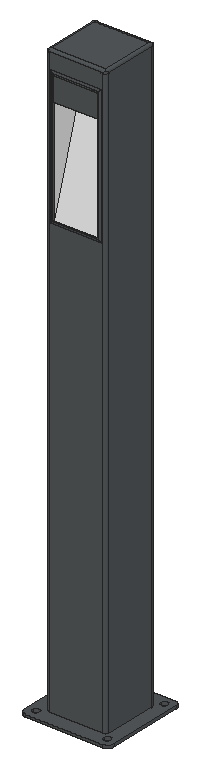
Revit family "svetilnik_alfresco_ar deko_dtu19", category Lighting Fixtures, Revit 2016 (continued)
Definition of nested family "Источник света Ар_Деко"
  Parameters (values of type "4")
         1.6      17.1\r\n      70.7     127.6     169.2     200.9     233.3     270.9     318.0     360.7\r\n     412.2     478.7     503.3     505.5     507.3     507.4     503.8     503.1\r\n     503.7     501.1     501.8     500.2     497.7     495.5     490.5     489.3\r\n     486.2     483.3     479.6     478.9     475.2     473.6     465.7     460.3\r\n     458.4     453.9     450.2     443.7     436.4     434.0     427.0     424.6\r\n     420.4     413.0     405.2     393.4     376.0     350.9     326.7     296.4\r\n     278.8     261.1     242.1     230.1     219.4     206.0     188.9     175.8\r\n     164.5     149.4     137.8     125.5     112.2      96.6      78.5      64.0\r\n      51.0      39.0      23.5       7.4       1.4       0.2       0.2       0.2\r\n       0.2       0.2       0.2       0.2       0.2       0.2       0.2       0.2\r\n       0.2       0.2       0.2       0.2       0.2       0.2       0.2       0.2\r\n       0.2       0.2       0.2       0.2       0.2       0.2       0.2       0.2\r\n       0.2       0.2       0.2       0.2       0.2       0.2       0.2       0.2\r\n       0.2       0.2       0.2       0.2       0.2       0.2       0.2       0.2\r\n       0.2       0.2       0.2       0.2       0.2       0.2       0.2       0.2\r\n       0.2       0.2       0.2       0.2       0.2       0.2       0.2       0.2\r\n       0.2       0.2       0.2       0.2       0.2       0.2       0.2       0.2\r\n       0.2       0.2       0.2       0.2       0.2       0.2       0.2       0.2\r\n       0.2       0.2       0.2       0.2       0.2       0.2       0.2       0.2\r\n       0.2       0.2       0.2       0.1       0.1       0.1       0.0       0.0\r\n       0.0       0.1       0.0       0.0       0.0\r\n       0.0       0.0       0.3       0.2       0.2       0.2       0.2       0.2\r\n       0.2       0.3       0.3       0.3       0.3       0.3       5.4      42.1\r\n     104.4     155.2     190.4     224.0     260.7     306.6     353.2     401.1\r\n     468.3     505.9     515.3     514.4     515.1     513.3     511.9     512.3\r\n     511.4     508.1     503.7     502.5     502.3     499.8     501.4     499.0\r\n     495.2     490.1     489.9     484.8     484.4     476.4     476.3     476.7\r\n     471.3     463.1     458.1     455.8     447.8     442.1     439.2     432.1\r\n     425.8     417.7     407.5     391.4     367.5     337.0     309.3     291.4\r\n     274.2     260.3     243.4     230.0     218.1     199.7     186.0     177.4\r\n     163.4     147.4     136.6     125.3     106.9      91.7      75.2      63.9\r\n      54.9      38.2      20.3       2.6       0.3       0.2       0.2       0.2\r\n       0.2       0.2       0.2       0.2       0.2       0.2       0.2       0.2\r\n       0.2       0.2       0.2       0.2       0.2       0.2       0.2       0.2\r\n       0.2       0.2       0.2       0.2       0.2       0.2       0.2       0.2\r\n       0.2       0.2       0.2       0.2       0.2       0.2       0.2       0.2\r\n       0.2       0.2       0.2       0.2       0.2       0.2       0.2       0.2\r\n       0.2       0.2       0.2       0.2       0.2       0.2       0.2       0.2\r\n       0.2       0.2       0.2       0.2       0.2       0.2       0.2       0.2\r\n       0.2       0.2       0.2       0.2       0.2       0.2       0.2       0.2\r\n       0.2       0.2       0.2       0.2       0.2       0.2       0.2       0.2\r\n       0.2       0.2       0.2       0.2       0.2       0.2       0.2       0.2\r\n       0.2       0.2       0.2       0.1       0.1       0.1       0.0       0.0\r\n       0.0       0.1       0.0       0.0       0.0\r\n       0.0       0.0       0.3       0.2       0.3       0.2       0.2       0.2\r\n       0.2       0.3       0.3       0.3       0.3       0.5      14.8      70.1\r\n     134.3     177.3     210.4     247.0     291.6     339.1     382.2     449.7\r\n     510.8     519.7     519.7     521.6     521.5     517.1     518.0     517.1\r\n     515.1     514.8     513.7     513.0     512.1     512.4     507.9     502.8\r\n     502.5     500.8     495.2     492.0     487.9     492.2     486.0     476.8\r\n     475.7     472.9     466.5     459.8     457.2     451.4     446.4     441.2\r\n     432.4     420.4     405.7     381.4     353.1     326.7     306.2     291.8\r\n     273.0     256.2     245.4     234.2     216.9     202.7     190.6     180.3\r\n     165.8     148.6     139.2     124.4     105.4      89.4      76.2      64.5\r\n      51.4      33.9      16.4       3.6       0.3       0.2       0.2       0.2\r\n       0.2       0.2       0.2       0.2       0.2       0.2       0.2       0.2\r\n       0.2       0.2       0.2       0.2       0.2       0.2       0.2       0.2\r\n       0.2       0.2       0.2       0.2       0.2       0.2       0.2       0.2\r\n       0.2       0.2       0.2       0.2       0.2       0.2       0.2       0.2\r\n       0.2       0.2       0.2       0.2       0.2       0.2       0.2       0.2\r\n       0.2       0.2       0.2       0.2       0.2       0.2       0.2       0.2\r\n       0.2       0.2       0.2       0.2       0.2       0.2       0.2       0.2\r\n       0.2       0.2       0.2       0.2       0.2       0.2       0.2       0.2\r\n       0.2       0.2       0.2       0.2       0.2       0.2       0.2       0.2\r\n       0.2       0.2       0.2       0.2       0.2       0.2       0.2       0.2\r\n       0.2       0.2       0.2       0.1       0.1       0.1       0.0       0.0\r\n       0.0       0.1       0.0       0.0       0.0\r\n       0.0       0.0       0.3       0.2       0.3       0.2       0.2       0.2\r\n       0.2       0.3       0.3       0.3       0.3       1.4      33.1      96.2\r\n     153.9     193.3     228.3     268.6     317.0     360.6     413.7     488.5\r\n     517.8     521.4     520.2     519.8     521.0     518.9     521.0     519.8\r\n     518.2     519.0     520.0     517.6     516.1     515.6     513.2     511.7\r\n     509.3     504.9     501.8     500.4     497.1     489.2     487.4     484.4\r\n     479.2     472.6     470.9     469.3     462.8     457.2     450.3     443.3\r\n     433.7     420.6     392.5     364.2     337.4     315.8     302.3     283.5\r\n     267.5     254.6     245.0     227.3     209.2     200.5     190.2     172.2\r\n     157.6     146.6     134.6     119.2     103.9      86.7      72.5      63.8\r\n      44.9      26.1       9.7       1.4       0.2       0.2       0.2       0.2\r\n       0.2       0.2       0.2       0.2       0.2       0.2       0.2       0.2\r\n       0.2       0.2       0.2       0.2       0.2       0.2       0.2       0.2\r\n       0.2       0.2       0.2       0.2       0.2       0.2       0.2       0.2\r\n       0.2       0.2       0.2       0.2       0.2       0.2       0.2       0.2\r\n       0.2       0.2       0.2       0.2       0.2       0.2       0.2       0.2\r\n       0.2       0.2       0.2       0.2       0.2       0.2       0.2       0.2\r\n       0.2       0.2       0.2       0.2       0.2       0.2       0.2       0.2\r\n       0.2       0.2       0.2       0.2       0.2       0.2       0.2       0.2\r\n       0.2       0.2       0.2       0.2       0.2       0.2       0.2       0.2\r\n       0.2       0.2       0.2       0.2       0.2       0.2       0.2       0.2\r\n       0.2       0.2       0.2       0.1       0.1       0.1       0.0       0.0\r\n       0.0       0.1       0.0       0.0       0.0\r\n       0.0       0.0       0.3       0.2       0.3       0.2       0.2       0.2\r\n       0.2       0.3       0.3       0.3       0.3       4.8      57.0     121.9\r\n     168.3     205.0     244.5     288.2     334.0     383.8     451.8     509.6\r\n     518.4     519.8     522.3     523.9     524.9     525.5     524.3     523.7\r\n     523.2     523.8     519.7     521.7     519.5     517.7     514.9     511.4\r\n     509.2     509.4     509.6     505.6     501.1     499.3     493.0     487.0\r\n     486.7     485.6     478.7     472.2     465.9     458.7     453.0     446.0\r\n     435.5     415.2     391.0     362.2     336.0     317.7     298.6     284.1\r\n     271.3     260.4     248.3     230.6     214.8     204.5     194.0     174.1\r\n     161.1     151.6     137.4     119.1     102.8      85.1      73.6      62.6\r\n      48.0      26.5       8.5       0.7       0.2       0.2       0.2       0.2\r\n       0.2       0.2       0.2       0.2       0.2       0.2       0.2       0.2\r\n       0.2       0.2       0.2       0.2       0.2       0.2       0.2       0.2\r\n       0.2       0.2       0.2       0.2       0.2       0.2       0.2       0.2\r\n       0.2       0.2       0.2       0.2       0.2       0.2       0.2       0.2\r\n       0.2       0.2       0.2       0.2       0.2       0.2       0.2       0.2\r\n       0.2       0.2       0.2       0.2       0.2       0.2       0.2       0.2\r\n       0.2       0.2       0.2       0.2       0.2       0.2       0.2       0.2\r\n       0.2       0.2       0.2       0.2       0.2       0.2       0.2       0.2\r\n       0.2       0.2       0.2       0.2       0.2       0.2       0.2       0.2\r\n       0.2       0.2       0.2       0.2       0.2       0.2       0.2       0.2\r\n       0.2       0.2       0.2       0.1       0.1       0.1       0.0       0.0\r\n       0.0       0.1       0.0       0.0       0.0\r\n       0.0       0.0       0.3       0.2       0.3       0.2       0.2       0.2\r\n       0.2       0.3       0.3       0.3       0.3      13.8      78.5     141.8\r\n     183.3     221.0     261.1     306.3     351.7     416.3     488.6     518.7\r\n     521.9     522.4     526.0     526.3     525.0     527.3     523.8     525.3\r\n     525.6     523.5     526.1     522.7     520.1     516.7     515.5     513.7\r\n     515.2     511.0     504.9     505.7     502.5     498.1     500.2     495.8\r\n     488.1     481.5     478.2     472.3     469.0     467.0     462.5     452.1\r\n     432.6     399.2     369.5     344.7     326.4     313.1     297.3     279.2\r\n     267.9     259.3     240.2     223.7     215.5     202.9     186.8     171.8\r\n     161.9     151.6     133.1     118.7      99.3      82.3      72.0      54.8\r\n      35.6      17.2       4.5       0.5       0.2       0.2       0.2       0.2\r\n       0.2       0.2       0.2       0.2       0.2       0.2       0.2       0.2\r\n       0.2       0.2       0.2       0.2       0.2       0.2       0.2       0.2\r\n       0.2       0.2       0.2       0.2       0.2       0.2       0.2       0.2\r\n       0.2       0.2       0.2       0.2       0.2       0.2       0.2       0.2\r\n       0.2       0.2       0.2       0.2       0.2       0.2       0.2       0.2\r\n       0.2       0.2       0.2       0.2       0.2       0.2       0.2       0.2\r\n       0.2       0.2       0.2       0.2       0.2       0.2       0.2       0.2\r\n       0.2       0.2       0.2       0.2       0.2       0.2       0.2       0.2\r\n       0.2       0.2       0.2       0.2       0.2       0.2       0.2       0.2\r\n       0.2       0.2       0.2       0.2       0.2       0.3       0.3       0.2\r\n       0.2       0.2       0.2       0.1       0.1       0.1       0.0       0.1\r\n       0.1       0.1       0.0       0.0       0.0\r\n       0.0       0.0       0.3       0.2       0.3       0.2       0.2       0.2\r\n       0.3       0.3       0.3       0.3       0.5      27.7      98.1     156.7\r\n     200.1     240.8     281.7     327.0     377.5     451.7     514.6     526.2\r\n     529.5     531.5     530.1     530.7     529.3     528.6     530.3     530.2\r\n     529.8     527.5     522.1     524.1     526.6     526.8     524.1     522.6\r\n     519.6     522.4     516.4     510.0     506.4     505.1     499.7     491.9\r\n     490.7     487.4     483.4     481.6     474.6     465.6     458.0     439.7\r\n     418.2     393.1     365.6     343.1     326.1     307.9     292.8     280.7\r\n     271.9     258.6     239.0     222.4     212.3     202.2     182.4     168.8\r\n     160.2     144.4     130.1     111.9      95.2      81.1      72.6      59.8\r\n      40.0      17.4       2.3       0.2       0.2       0.2       0.2       0.2\r\n       0.2       0.2       0.2       0.2       0.2       0.2       0.2       0.2\r\n       0.2       0.2       0.2       0.2       0.2       0.2       0.2       0.2\r\n       0.2       0.2       0.2       0.2       0.2       0.2       0.2       0.2\r\n       0.2       0.2       0.2       0.2       0.2       0.2       0.2       0.2\r\n       0.2       0.2       0.2       0.2       0.2       0.2       0.2       0.2\r\n       0.2       0.2       0.2       0.2       0.2       0.2       0.2       0.2\r\n       0.2       0.2       0.2       0.2       0.2       0.2       0.2       0.2\r\n       0.2       0.2       0.2       0.2       0.2       0.2       0.2       0.2\r\n       0.2       0.2       0.2       0.2       0.2       0.2       0.2       0.2\r\n       0.2       0.2       0.2       0.2       0.2       0.3       0.3       0.2\r\n       0.2       0.2       0.2       0.1       0.1       0.1       0.0       0.1\r\n       0.1       0.1       0.0       0.0       0.0\r\n       0.0       0.0       0.3       0.2       0.3       0.2       0.2       0.2\r\n       0.3       0.3       0.3       0.3       0.9      43.2     115.9     169.9\r\n     214.3     254.2     298.3     350.3     408.5     488.3     531.2     535.2\r\n     535.3     536.0     534.6     532.2     532.0     533.0     531.1     529.1\r\n     526.0     528.2     531.8     529.5     529.6     528.6     522.4     522.1\r\n     518.2     512.8     509.7     508.5     506.5     505.9     500.0     498.0\r\n     496.0     491.2     485.8     478.5     476.8     470.8     460.2     442.0\r\n     412.6     383.3     355.3     338.2     325.9     308.0     291.6     278.3\r\n     265.0     247.2     230.5     223.1     214.2     199.4     180.5     171.7\r\n     164.3     145.1     126.6     107.6      90.0      79.9      66.5      49.2\r\n      30.2      11.2       0.9       0.2       0.2       0.2       0.2       0.2\r\n       0.2       0.2       0.2       0.2       0.2       0.2       0.2       0.2\r\n       0.2       0.2       0.2       0.2       0.2       0.2       0.2       0.2\r\n       0.2       0.2       0.2       0.2       0.2       0.2       0.2       0.2\r\n       0.2       0.2       0.2       0.2       0.2       0.2       0.2       0.2\r\n       0.2       0.2       0.2       0.2       0.2       0.2       0.2       0.2\r\n       0.2       0.2       0.2       0.2       0.2       0.2       0.2       0.2\r\n       0.2       0.2       0.2       0.2       0.2       0.2       0.2       0.2\r\n       0.2       0.2       0.2       0.2       0.3       0.2       0.2       0.2\r\n       0.2       0.2       0.2       0.2       0.2       0.2       0.2       0.2\r\n       0.2       0.2       0.3       0.3       0.2       0.3       0.3       0.2\r\n       0.2       0.2       0.2       0.1       0.1       0.1       0.1       0.1\r\n       0.1       0.1       0.0       0.0       0.0\r\n       0.0       0.0       0.3       0.2       0.3       0.2       0.2       0.2\r\n       0.3       0.3       0.3       0.3       2.0      60.9     130.4     179.8\r\n     221.7     258.7     308.2     361.1     432.1     516.3     537.6     537.3\r\n     537.1     535.2     532.5     533.8     533.3     533.0     531.4     529.7\r\n     532.8     530.8     529.4     525.7     520.0     520.7     518.7     518.2\r\n     517.4     514.0     514.6     510.8     506.0     504.1     501.9     498.7\r\n     494.7     491.4     490.1     485.6     479.9     469.5     451.1     431.8\r\n     405.0     374.5     351.7     334.2     322.0     301.8     287.1     281.6\r\n     267.1     247.4     233.7     224.9     213.1     196.7     183.6     173.3\r\n     162.7     142.5     125.3     105.4      90.3      81.3      66.3      50.3\r\n      31.3      11.8       1.5       0.2       0.2       0.2       0.2       0.2\r\n       0.2       0.2       0.2       0.2       0.2       0.2       0.2       0.2\r\n       0.2       0.2       0.2       0.2       0.2       0.2       0.2       0.2\r\n       0.2       0.2       0.2       0.2       0.2       0.2       0.2       0.2\r\n       0.2       0.2       0.2       0.2       0.2       0.2       0.2       0.2\r\n       0.2       0.2       0.2       0.2       0.2       0.2       0
      .2       0.2\r\n       0.2       0.2       0.2       0.2       0.2       0.2       0.2       0.2\r\n       0.2       0.2       0.2       0.2       0.2       0.2       0.2       0.2\r\n       0.2       0.2       0.2       0.2       0.3       0.2       0.2       0.2\r\n       0.2       0.2       0.3       0.3       0.2       0.3       0.3       0.3\r\n       0.3       0.3       0.3       0.2       0.2       0.3       0.3       0.2\r\n       0.2       0.2       0.2       0.2       0.1       0.1       0.1       0.1\r\n       0.1       0.1       0.0       0.0       0.0\r\n       0.0       0.0       0.3       0.2       0.3       0.2       0.2       0.2\r\n       0.3       0.3       0.3       0.3       4.6      78.9     142.8     185.9\r\n     223.5     262.1     318.1     370.2     458.1     526.7     535.8     533.9\r\n     533.3     532.6     534.8     534.8     534.7     533.1     535.8     535.6\r\n     535.7     535.4     531.6     532.7     531.1     524.8     522.6     522.4\r\n     517.1     515.0     512.4     511.3     510.4     507.2     504.4     500.2\r\n     495.5     493.1     489.6     486.2     479.2     471.1     450.6     421.7\r\n     391.2     365.6     348.9     339.1     318.4     302.9     291.3     277.1\r\n     263.7     243.6     235.5     228.9     210.2     192.3     180.0     172.6\r\n     155.7     137.7     122.3     103.6      91.6      83.6      66.9      43.2\r\n      19.9       5.3       0.9       0.2       0.2       0.2       0.2       0.2\r\n       0.2       0.2       0.2       0.2       0.2       0.2       0.2       0.2\r\n       0.2       0.2       0.2       0.2       0.2       0.2       0.2       0.2\r\n       0.2       0.2       0.2       0.2       0.2       0.2       0.2       0.2\r\n       0.2       0.2       0.2       0.2       0.2       0.2       0.2       0.2\r\n       0.2       0.2       0.2       0.2       0.2       0.2       0.2       0.2\r\n       0.2       0.2       0.2       0.2       0.2       0.2       0.2       0.2\r\n       0.2       0.2       0.2       0.2       0.2       0.2       0.2       0.2\r\n       0.2       0.2       0.2       0.3       0.3       0.3       0.2       0.3\r\n       0.2       0.3       0.3       0.3       0.3       0.3       0.3       0.3\r\n       0.3       0.3       0.3       0.3       0.2       0.3       0.3       0.3\r\n       0.3       0.2       0.2       0.2       0.1       0.1       0.1       0.1\r\n       0.1       0.1       0.0       0.0       0.0\r\n       0.0       0.0       0.3       0.2       0.3       0.2       0.2       0.2\r\n       0.3       0.4       0.3       0.4      10.6      91.2     152.8     193.3\r\n     230.4     273.9     332.1     387.0     483.5     527.0     529.1     529.4\r\n     531.5     532.1     536.3     536.5     537.8     536.7     535.4     534.9\r\n     532.4     531.9     530.5     529.1     529.4     528.0     526.3     524.6\r\n     525.1     522.4     517.3     512.3     511.7     507.9     504.6     502.8\r\n     500.7     498.3     492.5     485.9     477.2     465.6     443.3     418.5\r\n     391.4     362.9     344.9     330.7     313.0     297.6     290.6     281.1\r\n     263.8     246.0     234.3     224.1     209.5     195.4     181.9     171.7\r\n     155.3     138.6     124.0     103.1      91.1      79.4      62.1      44.5\r\n      23.2       5.7       0.5       0.2       0.2       0.2       0.2       0.2\r\n       0.2       0.2       0.2       0.2       0.2       0.2       0.2       0.2\r\n       0.2       0.2       0.2       0.2       0.2       0.2       0.2       0.2\r\n       0.2       0.2       0.2       0.2       0.2       0.2       0.2       0.2\r\n       0.2       0.2       0.2       0.2       0.2       0.2       0.2       0.2\r\n       0.2       0.2       0.2       0.2       0.2       0.2       0.2       0.2\r\n       0.2       0.2       0.2       0.2       0.2       0.2       0.2       0.2\r\n       0.2       0.2       0.2       0.2       0.2       0.2       0.2       0.3\r\n       0.3       0.3       0.2       0.3       0.3       0.3       0.3       0.3\r\n       0.3       0.3       0.3       0.3       0.3       0.3       0.3       0.3\r\n       0.3       0.3       0.3       0.3       0.3       0.3       0.3       0.3\r\n       0.3       0.2       0.2       0.2       0.1       0.1       0.1       0.1\r\n       0.1       0.1       0.0       0.0       0.0\r\n       0.0       0.0       0.3       0.2       0.3       0.2       0.2       0.2\r\n       0.3       0.4       0.3       0.4      19.5      97.9     159.2     203.3\r\n     245.7     295.2     350.0     404.0     496.9     525.7     524.4     525.9\r\n     528.8     531.2     533.4     534.8     536.6     538.5     538.2     539.2\r\n     538.2     540.7     540.6     536.5     534.0     532.2     531.4     526.1\r\n     526.9     524.4     521.8     521.5     519.9     514.6     513.7     509.8\r\n     498.4     495.1     493.8     488.0     480.8     466.4     440.6     408.7\r\n     379.6     362.8     346.4     330.2     310.8     298.1     290.5     272.1\r\n     256.8     243.4     235.9     223.3     203.5     188.3     179.2     168.8\r\n     150.6     134.1     115.7     101.8      91.0      78.6      60.2      38.3\r\n      17.5       3.9       0.6       0.2       0.2       0.2       0.2       0.2\r\n       0.2       0.2       0.2       0.2       0.2       0.2       0.2       0.2\r\n       0.2       0.2       0.2       0.2       0.2       0.2       0.2       0.2\r\n       0.2       0.2       0.2       0.2       0.2       0.2       0.2       0.2\r\n       0.2       0.2       0.2       0.2       0.2       0.2       0.2       0.2\r\n       0.2       0.2       0.2       0.2       0.2       0.2       0.2       0.2\r\n       0.2       0.2       0.2       0.3       0.2       0.2       0.3       0.2\r\n       0.2       0.2       0.3       0.2       0.3       0.2       0.3       0.3\r\n       0.3       0.3       0.3       0.3       0.3       0.3       0.3       0.3\r\n       0.3       0.3       0.3       0.3       0.3       0.3       0.3       0.3\r\n       0.3       0.3       0.3       0.3       0.3       0.3       0.3       0.3\r\n       0.3       0.3       0.3       0.2       0.1       0.1       0.1       0.1\r\n       0.1       0.1       0.0       0.0       0.0\r\n       0.0       0.0       0.3       0.2       0.3       0.2       0.2       0.2\r\n       0.3       0.4       0.3       0.4      27.1     103.7     162.8     210.4\r\n     255.5     309.3     364.3     425.8     510.3     529.1     530.1     531.7\r\n     534.6     534.5     535.2     538.5     534.0     540.3     539.5     538.3\r\n     540.7     536.3     536.0     536.8     535.5     531.1     530.8     530.1\r\n     526.4     524.1     525.1     522.4     521.5     515.4     513.3     512.8\r\n     508.9     506.9     502.3     496.8     490.9     468.4     443.5     414.8\r\n     386.1     363.2     350.0     332.8     313.4     300.0     291.4     276.8\r\n     258.7     244.6     235.6     223.8     206.8     194.0     185.6     173.6\r\n     152.3     136.6     116.8      97.9      87.4      74.9      59.9      38.1\r\n      17.2       2.9       0.3       0.3       0.2       0.2       0.2       0.3\r\n       0.2       0.2       0.3       0.3       0.2       0.2       0.2       0.2\r\n       0.2       0.2       0.2       0.2       0.2       0.2       0.2       0.2\r\n       0.3       0.2       0.2       0.2       0.2       0.2       0.3       0.2\r\n       0.2       0.2       0.2       0.3       0.3       0.3       0.3       0.2\r\n       0.2       0.3       0.2       0.3       0.3       0.3       0.3       0.3\r\n       0.3       0.3       0.3       0.3       0.3       0.3       0.3       0.3\r\n       0.3       0.3       0.3       0.3       0.3       0.3       0.3       0.3\r\n       0.3       0.3       0.3       0.3       0.3       0.3       0.3       0.3\r\n       0.3       0.3       0.3       0.3       0.3       0.3       0.3       0.3\r\n       0.3       0.3       0.3       0.3       0.3       0.3       0.3       0.3\r\n       0.3       0.3       0.3       0.2       0.1       0.1       0.1       0.1\r\n       0.1       0.1       0.0       0.0       0.0\r\n       0.0       0.0       0.3       0.2       0.3       0.2       0.2       0.2\r\n       0.3       0.4       0.3       0.6      31.4     109.5     166.2     212.1\r\n     254.3     309.1     362.6     435.6     513.3     535.3     537.2     539.5\r\n     537.0     540.4     539.5     539.5     539.6     539.4     537.3     538.8\r\n     537.9     538.1     537.0     536.2     539.1     541.1     538.4     538.2\r\n     538.6     537.6     532.5     525.5     520.7     518.0     517.1     513.8\r\n     508.3     506.1     504.3     499.0     484.4     463.9     431.7     401.4\r\n     376.5     358.3     347.3     327.1     306.1     298.5     290.2     274.7\r\n     259.1     247.4     238.4     223.1     203.6     190.6     182.0     167.2\r\n     147.1     131.8     112.2      98.5      88.8      76.2      56.0      35.6\r\n      16.4       2.5       0.3       0.3       0.3       0.3       0.3       0.3\r\n       0.3       0.3       0.3       0.3       0.3       0.3       0.3       0.3\r\n       0.3       0.3       0.3       0.3       0.3       0.3       0.3       0.3\r\n       0.3       0.3       0.3       0.3       0.3       0.3       0.3       0.3\r\n       0.3       0.3       0.3       0.3       0.3       0.3       0.3       0.3\r\n       0.3       0.3       0.3       0.3       0.3       0.3       0.3       0.3\r\n       0.3       0.3       0.3       0.3       0.3       0.3       0.3       0.3\r\n       0.3       0.3       0.3       0.3       0.3       0.3       0.3       0.3\r\n       0.3       0.3       0.3       0.3       0.3       0.3       0.3       0.3\r\n       0.3       0.3       0.3       0.3       0.3       0.3       0.3       0.3\r\n       0.3       0.3       0.3       0.3       0.3       0.3       0.3       0.3\r\n       0.3       0.3       0.3       0.2       0.1       0.1       0.1       0.1\r\n       0.1       0.1       0.0       0.0       0.0\r\n       0.0       0.0       0.3       0.2       0.3       0.2       0.2       0.2\r\n       0.3       0.4       0.3       0.7      35.3     114.3     169.4     211.3\r\n     250.7     303.9     354.9     436.0     514.4     537.1     540.8     543.3\r\n     541.3     544.1     541.7     541.0     541.5     539.4     542.7     541.0\r\n     540.1     542.3     542.6     540.3     537.2     536.8     537.3     537.3\r\n     535.5     532.3     527.4     527.7     528.8     527.2     521.5     520.9\r\n     517.6     510.3     502.1     495.9     483.4     457.5     430.2     403.3\r\n     375.2     356.3     343.1     328.7     313.9     303.7     291.4     268.9\r\n     251.3     243.9     234.3     221.1     204.0     192.2     185.5     172.6\r\n     151.8     135.7     114.9      99.8      87.9      71.9      54.3      36.2\r\n      11.9       1.9       0.3       0.3       0.3       0.3       0.3       0.3\r\n       0.3       0.3       0.3       0.3       0.3       0.3       0.3       0.3\r\n       0.3       0.3       0.3       0.3       0.3       0.3       0.3       0.3\r\n       0.3       0.3       0.3       0.3       0.3       0.3       0.3       0.3\r\n       0.3       0.3       0.3       0.3       0.3       0.3       0.3       0.3\r\n       0.3       0.3       0.3       0.3       0.3       0.3       0.3       0.3\r\n       0.3       0.3       0.3       0.3       0.3       0.3       0.3       0.3\r\n       0.3       0.3       0.3       0.3       0.3       0.3       0.3       0.3\r\n       0.3       0.3       0.3       0.3       0.3       0.3       0.3       0.3\r\n       0.3       0.3       0.3       0.3       0.3       0.3       0.3       0.3\r\n       0.3       0.3       0.3       0.3       0.4       0.3       0.3       0.3\r\n       0.3       0.3       0.3       0.2       0.1       0.1       0.1       0.1\r\n       0.1       0.1       0.0       0.0       0.0\r\n       0.0       0.0       0.3       0.2       0.3       0.2       0.2       0.2\r\n       0.3       0.4       0.3       0.7      40.0     116.6     170.4     211.8\r\n     252.8     307.4     357.2     439.0     514.5     533.9     539.0     540.9\r\n     541.5     540.2     540.5     542.9     542.6     541.7     538.4     538.3\r\n     537.7     537.4     538.8     542.3     537.9     537.5     538.0     534.0\r\n     531.1     530.1     530.4     528.4     524.9     526.0     523.7     518.4\r\n     512.6     507.1     501.8     494.2     478.4     454.0     426.9     395.5\r\n     372.9     358.1     341.9     323.2     309.6     299.7     288.2     270.6\r\n     252.3     243.9     234.1     218.3     203.0     193.9     184.1     168.5\r\n     147.5     130.7     109.3      94.1      86.6      74.5      54.5      28.8\r\n      12.5       2.7       0.4       0.3       0.3       0.3       0.3       0.3\r\n       0.3       0.3       0.3       0.3       0.3       0.3       0.3       0.3\r\n       0.3       0.3       0.3       0.3       0.3       0.3       0.3       0.3\r\n       0.3       0.3       0.3       0.3       0.3       0.3       0.3       0.3\r\n       0.3       0.3       0.3       0.3       0.3       0.3       0.3       0.3\r\n       0.3       0.3       0.3       0.3       0.3       0.3       0.3       0.3\r\n       0.3       0.4       0.3       0.3       0.3       0.3       0.3       0.3\r\n       0.3       0.3       0.3       0.3       0.4       0.4       0.3       0.4\r\n       0.4       0.4       0.3       0.4       0.4       0.4       0.4       0.3\r\n       0.3       0.3       0.4       0.4       0.4       0.3       0.3       0.4\r\n       0.3       0.3       0.3       0.3       0.4       0.3       0.3       0.3\r\n       0.3       0.3       0.3       0.2       0.1       0.1       0.1       0.1\r\n       0.1       0.1       0.0       0.0       0.0\r\n"
    built-in parameter 1150133 = 10 (stored number, unit not read)
    Wattage = 9.2903 W
    built-in parameter 1150139 = (empty or 0)
    Корпус [instance] = none
    built-in parameter 1150138 = (empty or 0)
    built-in parameter 1150107 = 3200 (stored number, unit not read)
    built-in parameter 1150102 = (empty or 0)
